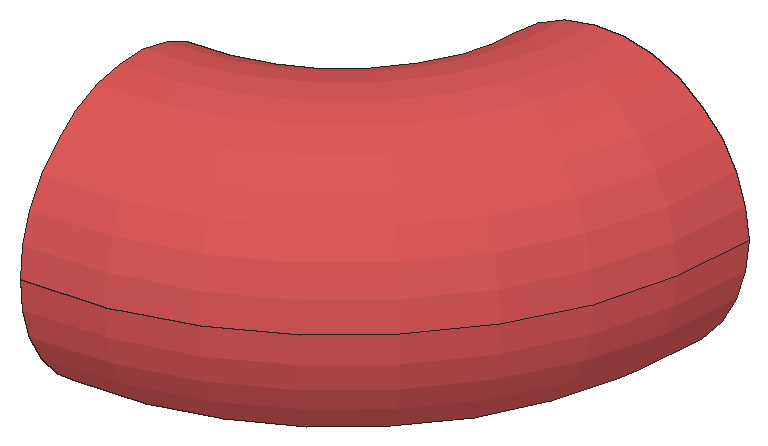
Revit family "Pam_Curvas", category Pipe Fittings, Revit 2025
Family settings
  Round Connector Dimension = Use Diameter
  Part Type = Elbow
  Work Plane-Based = No
  Always vertical = Yes
  Cut with Voids When Loaded = No
  Shared = Yes
Parameters
  Nominal Radius [instance] = Nominal Diameter / 2  # 100.0 mm
  Nominal Diameter [instance] = 200.0 mm
  Material_Conexao [instance] = PAM_FoFo
  Manufacturer = "SGC"
  Loss Method = Not Defined
  Tabela [instance] = "Pam_Curvas"
  Description = "Curvas sistema PAM"
  Default Elevation = 0.0 mm
  Corpo_R [instance] = if(Corpo_A = 90.00°, Corpo_L, Corpo_L / tan(A2))  # 220.0 mm
  Corpo_L [instance] = size_lookup(Tabela, "Corpo_L", 120.0 mm, Nominal Diameter, Angle)  # 220.0 mm
  EK7 [instance] = size_lookup(Tabela, "EK7", 5.2 mm, Nominal Diameter)  # 5.4 mm
  Corpo_DE1 [instance] = Bolsa_DE1 + EK7  # 116.4 mm
  Corpo_A [instance] = size_lookup(Tabela, "Corpo_A", 90.00°, Nominal Diameter, Angle)  # 90.00°
  Bolsa_P1 [instance] = size_lookup(Tabela, "Bolsa_P", 94.5 mm, Nominal Diameter)  # 106.5 mm
  Bolsa_DI1 [instance] = size_lookup(Tabela, "Bolsa_DI", 121.0 mm, Nominal Diameter) / 2  # 112.5 mm
  Bolsa_DE1 [instance] = size_lookup(Tabela, "Bolsa_DE", 118.0 mm, Nominal Diameter) / 2  # 111.0 mm
  Bolsa_B1 [instance] = size_lookup(Tabela, "Bolsa_B", 168.0 mm, Nominal Diameter) / 2  # 148.0 mm
  Angle [instance] = 90.00°
  A2 [instance] = Angle / 2  # 45.00°
Reference planes
  plane 1 "Center (Front/Back)": y = 0
  plane 2: z = 0
  plane 3 "Center (Left/Right)": x = -120
  plane 4: x = -340
  plane 5: y = 220
Forms (mm)
  Sweep 1, solid, material "PAM_FoFo" <- "Material_Conexao"
    path origin (0, 0, 0) x (1, 0, 0) y (0, 1, 0)
      loop
        arc (-340, 0) -> (-184.437, 64.437) -> (-120, 220) r 220
    profile origin (-184.437, 64.437, 0) x (-0.707107, 0.707107, 0) y (0, 0, 1)
      loop
        circle (0, 0) r 116.4
Lines and regions (mm)
  reference lines
    curve 1: line (-340, 0, 0) -> (-120, 0, 0)
    curve 2: line (-120, 0, 0) -> (-120, 220, 0)
Dimensions and locks
  "Corpo_L": plane 4 to plane 3 "Center (Left/Right)"
  "Corpo_R": plane 5 to plane 1 "Center (Front/Back)"
  "Corpo_L": curve 1 to curve 1
  "Corpo_L": curve 2 to curve 2
  "Corpo_R": radius of Sweep 1 sketch curve
  "Corpo_DE1": radius of Sweep 1 sketch curve
  "Angle": angle Sweep 1 sketch curve to Sweep 1 sketch curve
  "Angle": angle plane 1 "Center (Front/Back)" to curve 2
  aligned and locked: Sweep 1 sketch curve to plane 4
  aligned and locked: plane 3 "Center (Left/Right)" to curve 2
  aligned and locked: plane 1 "Center (Front/Back)" to curve 2
  aligned and locked: Sweep 1 to curve 2
Automatic sketch dimensions
  plane 1 "Center (Front/Back)" to Sweep 1 sketch curve = 0.0 mm
  Sweep 1 sketch curve to level = 0.0 mm
  Sweep 1 sketch curve to profile plane = 0.0 mm
Connectors
  piping at (-120, 220, 0), diameter 200, driven by "Nominal Diameter", driven by "Angle"
    settings: on Sweep 1, index 1, connector inside diameter 609.6 mm, connector length 0.0 mm, flow factor 0, pipe flow 0 GPM, pressure drop 0.00 psi, fitting loss kfactor 0, connector angle 90.00°, fixture units 0, engagement length 0.0 mm, angle of deflection 0.00°, flow configuration 0, flow direction 0, fitting loss method 0, system type 28, joint type 0, gender type 0, connector reference index -1, connector utility 0, adjustable connector no, is connector primary yes, connector description ""
  piping at (-340, 0, 0), diameter 200, driven by "Nominal Diameter", driven by "Angle"
    settings: on Sweep 1, index 2, connector inside diameter 609.6 mm, connector length 0.0 mm, flow factor 0, pipe flow 0 GPM, pressure drop 0.00 psi, fitting loss kfactor 0, connector angle 90.00°, fixture units 0, engagement length 0.0 mm, angle of deflection 0.00°, flow configuration 0, flow direction 0, fitting loss method 0, system type 28, joint type 0, gender type 0, connector reference index -1, connector utility 0, adjustable connector no, is connector primary no, connector description ""
